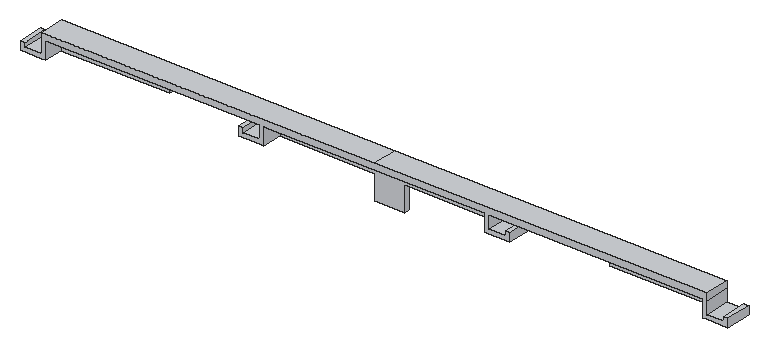
Revit family "Avion tipo 1", category Modelos genéricos, Revit 2024
Family settings
  Puede alojar armadura = No
  Cota de conector redondo = Usar diámetro
  Tipo de pieza = Normal
  Se basa en plano de trabajo = No
  Siempre vertical = Sí
  Corte con vacíos al cargar = No
  Mantener orientación de anotación = No
  Compartido = No
  Punto de cálculo de habitación = No
Parameters
  Elevación por defecto = 0 m
Reference planes (m)
  plane 1 "Centro (Frontal/Posterior)": y = 0
  plane 2: z = 0
  plane 3 "Centro (Izquierda/Derecha)": x = 0
Forms (m)
  Extrusion 1, solid
    sketch origin (0, 0, 0) x (1, 0, 0) y (0, 0, 1)
      loop
        line (-0.775, 0) -> (-0.27, 0) -> (-0.27, -0.03) -> (-0.31, -0.03) -> (-0.31, -0.02) -> (-0.32, -0.02) -> (-0.32, -0.04) -> (-0.27, -0.04) -> (-0.26, -0.04) -> (-0.26, 0) -> (0.26, 0) -> (0.26, -0.04) -> (0.27, -0.04) -> (0.32, -0.04) -> (0.32, -0.02) -> (0.31, -0.02) -> (0.31, -0.03) -> (0.27, -0.03) -> (0.27, 0) -> (0.775, 0) -> (0.775, -0.04) -> (0.785, -0.04) -> (0.835, -0.04) -> (0.835, -0.02) -> (0.825, -0.02) -> (0.825, -0.03) -> (0.785, -0.03) -> (0.785, 0) -> (0.785, 0.015) -> (0, 0.015) -> (-0.785, 0.015) -> (-0.785, 0) -> (-0.785, -0.03) -> (-0.825, -0.03) -> (-0.825, -0.02) -> (-0.835, -0.02) -> (-0.835, -0.04) -> (-0.785, -0.04) -> (-0.775, -0.04) -> (-0.775, 0)
    from 0 to 0.059841
  Extrusion 2, solid
    sketch origin (0, 0, 0) x (1, 0, 0) y (0, 1, 0)
      loop
        line (-0.26, -0.014182) -> (0.26, -0.014182) -> (0.26, 0) -> (-0.26, 0) -> (-0.26, -0.014182)
    from -0.04 to 0
  Extrusion 3, solid
    sketch origin (0.58, 0, 0) x (1, 0, 0) y (0, 1, 0)
      loop
        line (-0.061627, -0.014182) -> (0.195, -0.014182) -> (0.195, 0) -> (-0.061627, 0) -> (-0.061627, -0.014182)
    from -0.04 to 0
  Extrusion 4, solid
    sketch origin (-0.713373, 0, 0) x (1, 0, 0) y (0, 1, 0)
      loop
        line (-0.061627, -0.014182) -> (0.195, -0.014182) -> (0.195, 0) -> (-0.061627, 0) -> (-0.061627, -0.014182)
    from -0.04 to 0
  Extrusion 5, solid
    sketch origin (0, 0, 0) x (1, 0, 0) y (0, 1, 0)
      loop
        line (-0.035, -0.014182) -> (0.035, -0.014182) -> (0.035, 0) -> (-0.035, 0) -> (-0.035, -0.014182)
    from -0.097571 to -0.04
Cuts and joins
  joined: Extrusion 1, Extrusion 2, Extrusion 3, Extrusion 4, Extrusion 5
Dimensions and locks (m)
  aligned and locked: level to plane 2
